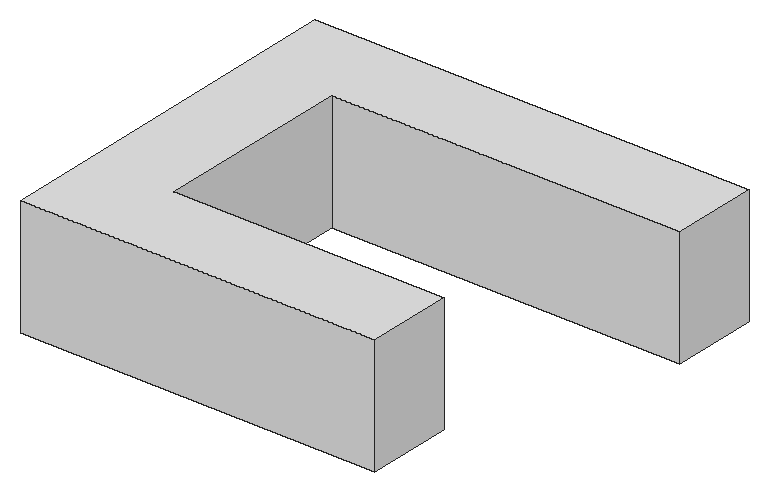
Revit family "LE Kitchen U-Shaped", category Furniture, Revit 2018
Family settings
  OmniClass Number = 23.40.20.00
  OmniClass Title = General Furniture and Specialties
  Work Plane-Based = No
  Always vertical = Yes
  Cut with Voids When Loaded = No
  Shared = No
  Room Calculation Point = No
Parameters (values of type "650x600m Casework")
  Width C [instance] = 2800 mm
  Width B [instance] = 2700 mm
  Width [instance] = 3300 mm
  Unit Width = 600 mm
  Unit Count C [instance] = rounddown(Interior Width / Unit Width)  # 2
  Unit Count B [instance] = rounddown((Width B - End Offset) / Unit Width)  # 3
  URL = "https://studiole.uk"
  Total Unit Count [instance] = Unit Count + Unit Count B + Unit Count C  # 9
  Manufacturer = "LE"
  Line Count C [instance] = Unit Count C + 1  # 3
  Line Count B [instance] = Unit Count B + 1  # 4
  Line Count [instance] = Unit Count + 1  # 5
  End Offset C [instance] = (((Interior Width / Unit Width) - Unit Count C) * Unit Width) / 2  # 150 mm
  End Offset = 750 mm
  Depth = 650 mm
  Height = 900 mm
  Circulation [instance] = yes
  Circulation Space = 750 mm
  Frame Material = Generic, White
  Unit Count [instance] = rounddown((Width - End Offset) / Unit Width)  # 4
  Interior Width [instance] = Width C - (2 * Depth)  # 1500 mm
Reference planes
  plane 1 "Center (Front/Back)": y = 0
  plane 2: z = 0
  plane 3 "Center (Left/Right)": x = 0
  plane 4 "Left": x = -1650
  plane 5 "Right": x = 1650
  plane 6 "Front": y = -325
  plane 7 "Back": y = 325
  plane 8 "Height": z = 900
  plane 9 "End Offset": x = -900
  plane 10 "Right B": x = 1050
  plane 11 "True Centre (Front/Back)": y = -1075
  plane 12 "Front B": y = -1825
  plane 13 "Back B": y = -2475
  plane 14 "Back C": x = -1000
  plane 15 "End Offset C": y = -475
Forms (mm)
  Extrusion 1, solid, material "Generic, White" <- "Frame Material"
    sketch origin (0, 0, 0) x (1, 0, 0) y (0, 1, 0)
      loop
        line (-1650, 325) -> (-1650, -2475) -> (1050, -2475) -> (1050, -1825) -> (-1000, -1825) -> (-1000, -325) -> (1650, -325) -> (1650, 325) -> (-1650, 325)
    from 0 to 900 <- "Height"
Lines and regions (mm)
  model lines, style "FurnitureHiddenLines"
    curve 1: line (-900, 325, 900) -> (-900, -325, 900)
    curve 2: line (-300, 325, 900) -> (-300, -325, 900)
    curve 3: line (300, 325, 900) -> (300, -325, 900)
    curve 4: line (900, 325, 900) -> (900, -325, 900)
    curve 5: line (1500, 325, 900) -> (1500, -325, 900)
    curve 6: line (-900, -1825, 900) -> (-900, -2475, 900)
    curve 7: line (-1650, -475, 900) -> (-1000, -475, 900)
    curve 8: line (-1650, -1075, 900) -> (-1000, -1075, 900)
    curve 9: line (-300, -1825, 900) -> (-300, -2475, 900)
    curve 10: line (300, -1825, 900) -> (300, -2475, 900)
    curve 11: line (-1650, -1675, 900) -> (-1000, -1675, 900)
    curve 12: line (900, -1825, 900) -> (900, -2475, 900)
Dimensions and locks
  "Depth": plane 7 "Back" to plane 6 "Front"
  equal spacing: plane 7 "Back", plane 1 "Center (Front/Back)", plane 6 "Front"
  "Width": plane 4 "Left" to plane 5 "Right"
  equal spacing: plane 4 "Left", plane 3 "Center (Left/Right)", plane 5 "Right"
  "Height": plane 8 "Height" to plane 2
  "End Offset": plane 4 "Left" to plane 9 "End Offset"
  "End Offset": plane 4 "Left" to curve 1
  equal spacing: group 1, group 2, group 3, group 4, group 5  (x3)
  "Unit Width": curve 2 to curve 1
  equal spacing: plane 6 "Front", plane 11 "True Centre (Front/Back)", plane 12 "Front B"
  "End Offset": plane 4 "Left" to curve 6
  "Width B": plane 4 "Left" to plane 10 "Right B"
  "Depth": plane 4 "Left" to plane 14 "Back C"
  "Depth": plane 13 "Back B" to plane 12 "Front B"
  "Width C": plane 13 "Back B" to plane 7 "Back"
  "End Offset C": plane 6 "Front" to plane 15 "End Offset C"
  "End Offset C": curve 7 to plane 6 "Front"
  equal spacing: group 6, group 7, group 11  (x2)
  equal spacing: group 11, group 7, group 6
  "Unit Width": curve 7 to curve 8
  locked: curve 7 to plane 14 "Back C"
  plane 4 "Left" to curve 7 = 0 mm
  locked: curve 1 to Extrusion 1 at 0
  locked: curve 6 to plane 12 "Front B" at 0
  equal spacing: group 8, group 9, group 10, group 12  (x3)
  "Unit Width": curve 9 to curve 6
  locked: curve 9 to plane 12 "Front B" at 0
  locked: curve 8 to plane 14 "Back C" at 0
  aligned and locked: level to plane 2
Automatic sketch dimensions
  curve 3 to curve 3 = 650 mm
  curve 1 to curve 1 = 650 mm
  curve 2 to curve 2 = 650 mm
  curve 4 to curve 4 = 650 mm
  curve 5 to curve 5 = 650 mm
  Extrusion 1 sketch curve to plane 5 "Right" = 0 mm
  plane 7 "Back" to Extrusion 1 sketch curve = 0 mm
  Extrusion 1 sketch curve to plane 10 "Right B" = 0 mm
  Extrusion 1 sketch curve to plane 13 "Back B" = 0 mm
  Extrusion 1 sketch curve to plane 12 "Front B" = 0 mm
  Extrusion 1 sketch curve to plane 6 "Front" = 0 mm
  Extrusion 1 sketch curve to plane 14 "Back C" = 0 mm
  Extrusion 1 sketch curve to plane 4 "Left" = 0 mm
  curve 6 to curve 6 = 650 mm
